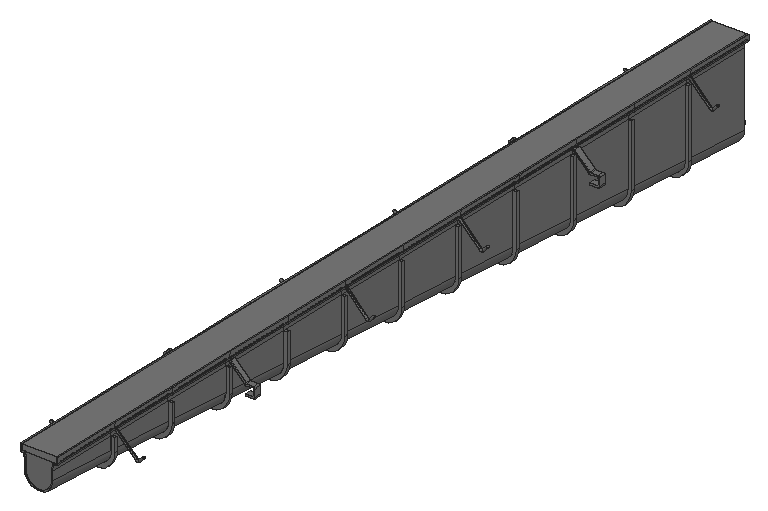
Revit family "x9940", category Plumbing Fixtures, Revit 2014 (continued)
Forms (in)
  Extrusion 28, solid, material "Coated Steel"
    sketch origin (0, -59.05355, 0) x (1, 0, 0) y (0, 0, 1)
      loop
        arc (-2.5625, -6.74809) -> (0, -9.31059) -> (2.5625, -6.74809) r 2.5625
        line (2.5625, -6.74809) -> (2.5625, -1.87363) -> (1.96816, -1.87363) -> (1.96816, -6.74809)
        arc (1.96816, -6.74809) -> (0, -8.71625) -> (-1.96816, -6.74809) r 1.96816
        line (-1.96816, -6.74809) -> (-1.96816, -1.87363)
    from -49.45833 to -49.13688
  Extrusion 29, solid, material "Coated Steel"
    sketch origin (0, -49.29313, 0) x (1, 0, 0) y (0, 0, 1)
      loop
        line (-1.96816, -1.87363) -> (-2.5625, -1.87363) -> (-2.5625, -7.49809)
        arc (-2.5625, -7.49809) -> (0, -10.06059) -> (2.5625, -7.49809) r 2.5625
        line (2.5625, -7.49809) -> (2.5625, -1.87363) -> (1.96816, -1.87363) -> (1.96816, -7.49809)
        arc (1.96816, -7.49809) -> (0, -9.46625) -> (-1.96816, -7.49809) r 1.96816
        line (-1.96816, -7.49809) -> (-1.96816, -1.87363)
    from -49.44938 to -49.13688
  Extrusion 30, solid, material "Coated Steel"
    sketch origin (0, -39.54167, 0) x (1, 0, 0) y (0, 0, 1)
      loop
        line (-1.96816, -1.87363) -> (-2.5625, -1.87363) -> (-2.5625, -8.24809)
        arc (-2.5625, -8.24809) -> (0, -10.81059) -> (2.5625, -8.24809) r 2.5625
        line (2.5625, -8.24809) -> (2.5625, -1.87363) -> (1.96816, -1.87363) -> (1.96816, -8.24809)
        arc (1.96816, -8.24809) -> (0, -10.21625) -> (-1.96816, -8.24809) r 1.96816
        line (-1.96816, -8.24809) -> (-1.96816, -1.87363)
    from -49.45833 to -49.13688
  Extrusion 31, solid, material "Coated Steel"
    sketch origin (0, -29.625, 0) x (1, 0, 0) y (0, 0, 1)
      loop
        line (-1.96816, -1.87363) -> (-2.5625, -1.87363) -> (-2.5625, -8.99809)
        arc (-2.5625, -8.99809) -> (0, -11.56059) -> (2.5625, -8.99809) r 2.5625
        line (2.5625, -8.99809) -> (2.5625, -1.87363) -> (1.96816, -1.87363) -> (1.96816, -8.99809)
        arc (1.96816, -8.99809) -> (0, -10.96625) -> (-1.96816, -8.99809) r 1.96816
        line (-1.96816, -8.99809) -> (-1.96816, -1.87363)
    from -49.45833 to -49.13688
  Extrusion 32, solid, material "Coated Steel"
    sketch origin (0, -19.70833, 0) x (1, 0, 0) y (0, 0, 1)
      loop
        line (-1.96816, -1.87363) -> (-2.5625, -1.87363) -> (-2.5625, -9.74809)
        arc (-2.5625, -9.74809) -> (0, -12.31059) -> (2.5625, -9.74809) r 2.5625
        line (2.5625, -9.74809) -> (2.5625, -1.87363) -> (1.96816, -1.87363) -> (1.96816, -9.74809)
        arc (1.96816, -9.74809) -> (0, -11.71625) -> (-1.96816, -9.74809) r 1.96816
        line (-1.96816, -9.74809) -> (-1.96816, -1.87363)
    from -49.45833 to -49.13688
  Extrusion 33, solid, material "Coated Steel"
    sketch origin (0, -9.85417, 0) x (1, 0, 0) y (0, 0, 1)
      loop
        line (-1.96816, -1.87363) -> (-2.5625, -1.87363) -> (-2.5625, -10.4975)
        arc (-2.5625, -10.4975) -> (0, -13.06) -> (2.5625, -10.4975) r 2.5625
        line (2.5625, -10.4975) -> (2.5625, -1.87363) -> (1.96816, -1.87363) -> (1.96816, -10.4975)
        arc (1.96816, -10.4975) -> (0, -12.46566) -> (-1.96816, -10.4975) r 1.96816
        line (-1.96816, -10.4975) -> (-1.96816, -1.87363)
    from -49.45833 to -49.13688
  Extrusion 34, solid, material "Coated Steel"
    sketch origin (0, 0, 0) x (1, 0, 0) y (0, 0, 1)
      loop
        line (-1.96816, -1.87363) -> (-2.5625, -1.87363) -> (-2.5625, -11.24809)
        arc (-2.5625, -11.24809) -> (0, -13.81059) -> (2.5625, -11.24809) r 2.5625
        line (2.5625, -11.24809) -> (2.5625, -1.87363) -> (1.96816, -1.87363) -> (1.96816, -11.24809)
        arc (1.96816, -11.24809) -> (0, -13.21625) -> (-1.96816, -11.24809) r 1.96816
        line (-1.96816, -11.24809) -> (-1.96816, -1.87363)
    from -49.45833 to -49.13688
  Extrusion 35, solid, material "Coated Steel"
    sketch origin (0, 0, 0) x (1, 0, 0) y (0, 0, 1)
      loop
        line (-1.8125, -1.86001) -> (-1.8125, -3)
        arc (-1.8125, -3) -> (0, -4.8125) -> (1.8125, -3) r 1.8125
        line (1.8125, -3) -> (1.8125, -1.86001) -> (1.89392, -0.92943)
        arc (1.89392, -0.92943) -> (1.93498, -0.84615) -> (2.02152, -0.8125) r 0.12809
        line (2.02152, -0.8125) -> (-2.02152, -0.8125)
        arc (-2.02152, -0.8125) -> (-1.93498, -0.84615) -> (-1.89392, -0.92943) r 0.12809
        line (-1.89392, -0.92943) -> (-1.8125, -1.86001)
    from 59.07775 to 59.3125
  Extrusion 36, solid, material "Coated Steel"
    sketch origin (0, 0, 0) x (1, 0, 0) y (0, 0, 1)
      loop
        arc (-1.8125, -11.9975) -> (0, -13.81) -> (1.8125, -11.9975) r 1.8125
        line (1.8125, -11.9975) -> (1.8125, -1.86001) -> (1.89392, -0.92943)
        arc (1.89392, -0.92943) -> (1.93498, -0.84615) -> (2.02152, -0.8125) r 0.12809
        line (2.02152, -0.8125) -> (-2.02152, -0.8125)
        arc (-2.02152, -0.8125) -> (-1.93498, -0.84615) -> (-1.89392, -0.92943) r 0.12809
        line (-1.89392, -0.92943) -> (-1.8125, -1.86001) -> (-1.8125, -11.9975)
      loop
        circle (0, -11.9975) r 1
    from -59.3125 to -58.99105
  Extrusion 37, solid, material "Coated Steel"
    sketch origin (0, 0, 0) x (1, 0, 0) y (0, 0, 1)
      loop
        circle (0, -11.9975) r 1
    from -60.62949 to -59.3125
Cuts and joins
  joined: Sweep 1, Sweep 2, Sweep 3, Sweep 4, Sweep 6, Sweep 7, Extrusion 8, Sweep 10
  joined: Extrusion 36, Extrusion 37
Lines and regions (in)
  model lines
    curve 1: line (-2.50377, 0, -0.8125) -> (-2.84599, 0, -0.8125)
    curve 2: line (0.00391, -59.3125, 0) -> (0.00391, 59.3125, 0)
    curve 3: line (-2.39633, -58.8125, 0) -> (2.40415, -58.8125, 0)
    curve 4: line (-2.39633, -58.3125, 0) -> (2.40415, -58.3125, 0)
    curve 5: line (-2.39633, -57.8125, 0) -> (2.40415, -57.8125, 0)
    curve 6: line (-2.39633, -57.3125, 0) -> (2.40415, -57.3125, 0)
    curve 7: line (-2.39633, -56.8125, 0) -> (2.40415, -56.8125, 0)
    curve 8: line (-2.39633, -56.3125, 0) -> (2.40415, -56.3125, 0)
    curve 9: line (-2.39633, -55.8125, 0) -> (2.40415, -55.8125, 0)
    curve 10: line (-2.39633, -55.3125, 0) -> (2.40415, -55.3125, 0)
    curve 11: line (-2.39633, -54.8125, 0) -> (2.40415, -54.8125, 0)
    curve 12: line (-2.39633, -54.3125, 0) -> (2.40415, -54.3125, 0)
    curve 13: line (-2.39633, -53.8125, 0) -> (2.40415, -53.8125, 0)
    curve 14: line (-2.39633, -53.3125, 0) -> (2.40415, -53.3125, 0)
    curve 15: line (-2.39633, -52.8125, 0) -> (2.40415, -52.8125, 0)
    curve 16: line (-2.39633, -52.3125, 0) -> (2.40415, -52.3125, 0)
    curve 17: line (-2.39633, -51.8125, 0) -> (2.40415, -51.8125, 0)
    curve 18: line (-2.39633, -51.3125, 0) -> (2.40415, -51.3125, 0)
    curve 19: line (-2.39633, -50.8125, 0) -> (2.40415, -50.8125, 0)
    curve 20: line (-2.39633, -50.3125, 0) -> (2.40415, -50.3125, 0)
    curve 21: line (-2.39633, -49.8125, 0) -> (2.40415, -49.8125, 0)
    curve 22: line (-2.39633, -49.3125, 0) -> (2.40415, -49.3125, 0)
    curve 23: line (-2.39633, -48.8125, 0) -> (2.40415, -48.8125, 0)
    curve 24: line (-2.39633, -48.3125, 0) -> (2.40415, -48.3125, 0)
    curve 25: line (-2.39633, -47.8125, 0) -> (2.40415, -47.8125, 0)
    curve 26: line (-2.39633, -47.3125, 0) -> (2.40415, -47.3125, 0)
    curve 27: line (-2.39633, -46.8125, 0) -> (2.40415, -46.8125, 0)
    curve 28: line (-2.39633, -46.3125, 0) -> (2.40415, -46.3125, 0)
    curve 29: line (-2.39633, -45.8125, 0) -> (2.40415, -45.8125, 0)
    curve 30: line (-2.39633, -45.3125, 0) -> (2.40415, -45.3125, 0)
    curve 31: line (-2.39633, -44.8125, 0) -> (2.40415, -44.8125, 0)
    curve 32: line (-2.39633, -44.3125, 0) -> (2.40415, -44.3125, 0)
    curve 33: line (-2.39633, -43.8125, 0) -> (2.40415, -43.8125, 0)
    curve 34: line (-2.39633, -43.3125, 0) -> (2.40415, -43.3125, 0)
    curve 35: line (-2.39633, -42.8125, 0) -> (2.40415, -42.8125, 0)
    curve 36: line (-2.39633, -42.3125, 0) -> (2.40415, -42.3125, 0)
    curve 37: line (-2.39633, -41.8125, 0) -> (2.40415, -41.8125, 0)
    curve 38: line (-2.39633, -41.3125, 0) -> (2.40415, -41.3125, 0)
    curve 39: line (-2.39633, -40.8125, 0) -> (2.40415, -40.8125, 0)
    curve 40: line (-2.39633, -40.3125, 0) -> (2.40415, -40.3125, 0)
    curve 41: line (-2.39633, -39.8125, 0) -> (2.40415, -39.8125, 0)
    curve 42: line (-2.39633, -39.3125, 0) -> (2.40415, -39.3125, 0)
    curve 43: line (-2.39633, -38.8125, 0) -> (2.40415, -38.8125, 0)
    curve 44: line (-2.39633, -38.3125, 0) -> (2.40415, -38.3125, 0)
    curve 45: line (-2.39633, -37.8125, 0) -> (2.40415, -37.8125, 0)
    curve 46: line (-2.39633, -37.3125, 0) -> (2.40415, -37.3125, 0)
    curve 47: line (-2.39633, -36.8125, 0) -> (2.40415, -36.8125, 0)
    curve 48: line (-2.39633, -36.3125, 0) -> (2.40415, -36.3125, 0)
    curve 49: line (-2.39633, -35.8125, 0) -> (2.40415, -35.8125, 0)
    curve 50: line (-2.39633, -35.3125, 0) -> (2.40415, -35.3125, 0)
    curve 51: line (-2.39633, -34.8125, 0) -> (2.40415, -34.8125, 0)
    curve 52: line (-2.39633, -34.3125, 0) -> (2.40415, -34.3125, 0)
    curve 53: line (-2.39633, -33.8125, 0) -> (2.40415, -33.8125, 0)
    curve 54: line (-2.39633, -33.3125, 0) -> (2.40415, -33.3125, 0)
    curve 55: line (-2.39633, -32.8125, 0) -> (2.40415, -32.8125, 0)
    curve 56: line (-2.39633, -32.3125, 0) -> (2.40415, -32.3125, 0)
    curve 57: line (-2.39633, -31.8125, 0) -> (2.40415, -31.8125, 0)
    curve 58: line (-2.39633, -31.3125, 0) -> (2.40415, -31.3125, 0)
    curve 59: line (-2.39633, -30.8125, 0) -> (2.40415, -30.8125, 0)
    curve 60: line (-2.39633, -30.3125, 0) -> (2.40415, -30.3125, 0)
    curve 61: line (-2.39633, -29.8125, 0) -> (2.40415, -29.8125, 0)
    curve 62: line (-2.39633, -29.3125, 0) -> (2.40415, -29.3125, 0)
    curve 63: line (-2.39633, -28.8125, 0) -> (2.40415, -28.8125, 0)
    curve 64: line (-2.39633, -28.3125, 0) -> (2.40415, -28.3125, 0)
    curve 65: line (-2.39633, -27.8125, 0) -> (2.40415, -27.8125, 0)
    curve 66: line (-2.39633, -27.3125, 0) -> (2.40415, -27.3125, 0)
    curve 67: line (-2.39633, -26.8125, 0) -> (2.40415, -26.8125, 0)
    curve 68: line (-2.39633, -26.3125, 0) -> (2.40415, -26.3125, 0)
    curve 69: line (-2.39633, -25.8125, 0) -> (2.40415, -25.8125, 0)
    curve 70: line (-2.39633, -25.3125, 0) -> (2.40415, -25.3125, 0)
    curve 71: line (-2.39633, -24.8125, 0) -> (2.40415, -24.8125, 0)
    curve 72: line (-2.39633, -24.3125, 0) -> (2.40415, -24.3125, 0)
    curve 73: line (-2.39633, -23.8125, 0) -> (2.40415, -23.8125, 0)
    curve 74: line (-2.39633, -23.3125, 0) -> (2.40415, -23.3125, 0)
    curve 75: line (-2.39633, -22.8125, 0) -> (2.40415, -22.8125, 0)
    curve 76: line (-2.39633, -22.3125, 0) -> (2.40415, -22.3125, 0)
    curve 77: line (-2.39633, -21.8125, 0) -> (2.40415, -21.8125, 0)
    curve 78: line (-2.39633, -21.3125, 0) -> (2.40415, -21.3125, 0)
    curve 79: line (-2.39633, -20.8125, 0) -> (2.40415, -20.8125, 0)
    curve 80: line (-2.39633, -20.3125, 0) -> (2.40415, -20.3125, 0)
    curve 81: line (-2.39633, -19.8125, 0) -> (2.40415, -19.8125, 0)
    curve 82: line (-2.39633, -19.3125, 0) -> (2.40415, -19.3125, 0)
    curve 83: line (-2.39633, -18.8125, 0) -> (2.40415, -18.8125, 0)
    curve 84: line (-2.39633, -18.3125, 0) -> (2.40415, -18.3125, 0)
    curve 85: line (-2.39633, -17.8125, 0) -> (2.40415, -17.8125, 0)
    curve 86: line (-2.39633, -17.3125, 0) -> (2.40415, -17.3125, 0)
    curve 87: line (-2.39633, -16.8125, 0) -> (2.40415, -16.8125, 0)
    curve 88: line (-2.39633, -16.3125, 0) -> (2.40415, -16.3125, 0)
    curve 89: line (-2.39633, -15.8125, 0) -> (2.40415, -15.8125, 0)
    curve 90: line (-2.39633, -15.3125, 0) -> (2.40415, -15.3125, 0)
    curve 91: line (-2.39633, -14.8125, 0) -> (2.40415, -14.8125, 0)
    curve 92: line (-2.39633, -14.3125, 0) -> (2.40415, -14.3125, 0)
    curve 93: line (-2.39633, -13.8125, 0) -> (2.40415, -13.8125, 0)
    curve 94: line (-2.39633, -13.3125, 0) -> (2.40415, -13.3125, 0)
    curve 95: line (-2.39633, -12.8125, 0) -> (2.40415, -12.8125, 0)
    curve 96: line (-2.39633, -12.3125, 0) -> (2.40415, -12.3125, 0)
    curve 97: line (-2.39633, -11.8125, 0) -> (2.40415, -11.8125, 0)
    curve 98: line (-2.39633, -11.3125, 0) -> (2.40415, -11.3125, 0)
    curve 99: line (-2.39633, -10.8125, 0) -> (2.40415, -10.8125, 0)
    curve 100: line (-2.39633, -10.3125, 0) -> (2.40415, -10.3125, 0)
    curve 101: line (-2.39633, -9.8125, 0) -> (2.40415, -9.8125, 0)
    curve 102: line (-2.39633, -9.3125, 0) -> (2.40415, -9.3125, 0)
    curve 103: line (-2.39633, -8.8125, 0) -> (2.40415, -8.8125, 0)
    curve 104: line (-2.39633, -8.3125, 0) -> (2.40415, -8.3125, 0)
    curve 105: line (-2.39633, -7.8125, 0) -> (2.40415, -7.8125, 0)
    curve 106: line (-2.39633, -7.3125, 0) -> (2.40415, -7.3125, 0)
    curve 107: line (-2.39633, -6.8125, 0) -> (2.40415, -6.8125, 0)
    curve 108: line (-2.39633, -6.3125, 0) -> (2.40415, -6.3125, 0)
    curve 109: line (-2.39633, -5.8125, 0) -> (2.40415, -5.8125, 0)
    curve 110: line (-2.39633, -5.3125, 0) -> (2.40415, -5.3125, 0)
    curve 111: line (-2.39633, -4.8125, 0) -> (2.40415, -4.8125, 0)
    curve 112: line (-2.39633, -4.3125, 0) -> (2.40415, -4.3125, 0)
    curve 113: line (-2.39633, -3.8125, 0) -> (2.40415, -3.8125, 0)
    curve 114: line (-2.39633, -3.3125, 0) -> (2.40415, -3.3125, 0)
    curve 115: line (-2.39633, -2.8125, 0) -> (2.40415, -2.8125, 0)
    curve 116: line (-2.39633, -2.3125, 0) -> (2.40415, -2.3125, 0)
    curve 117: line (-2.39633, -1.8125, 0) -> (2.40415, -1.8125, 0)
    curve 118: line (-2.39633, -1.3125, 0) -> (2.40415, -1.3125, 0)
    curve 119: line (-2.39633, -0.8125, 0) -> (2.40415, -0.8125, 0)
    curve 120: line (-2.39633, -0.3125, 0) -> (2.40415, -0.3125, 0)
    curve 121: line (-2.39633, 0.1875, 0) -> (2.40415, 0.1875, 0)
    curve 122: line (-2.39633, 0.6875, 0) -> (2.40415, 0.6875, 0)
    curve 123: line (-2.39633, 1.1875, 0) -> (2.40415, 1.1875, 0)
    curve 124: line (-2.39633, 1.6875, 0) -> (2.40415, 1.6875, 0)
    curve 125: line (-2.39633, 2.1875, 0) -> (2.40415, 2.1875, 0)
    curve 126: line (-2.39633, 2.6875, 0) -> (2.40415, 2.6875, 0)
    curve 127: line (-2.39633, 3.1875, 0) -> (2.40415, 3.1875, 0)
    curve 128: line (-2.39633, 3.6875, 0) -> (2.40415, 3.6875, 0)
    curve 129: line (-2.39633, 4.1875, 0) -> (2.40415, 4.1875, 0)
    curve 130: line (-2.39633, 4.6875, 0) -> (2.40415, 4.6875, 0)
    curve 131: line (-2.39633, 5.1875, 0) -> (2.40415, 5.1875, 0)
    curve 132: line (-2.39633, 5.6875, 0) -> (2.40415, 5.6875, 0)
    curve 133: line (-2.39633, 6.1875, 0) -> (2.40415, 6.1875, 0)
    curve 134: line (-2.39633, 6.6875, 0) -> (2.40415, 6.6875, 0)
    curve 135: line (-2.39633, 7.1875, 0) -> (2.40415, 7.1875, 0)
    curve 136: line (-2.39633, 7.6875, 0) -> (2.40415, 7.6875, 0)
    curve 137: line (-2.39633, 8.1875, 0) -> (2.40415, 8.1875, 0)
    curve 138: line (-2.39633, 8.6875, 0) -> (2.40415, 8.6875, 0)
    curve 139: line (-2.39633, 9.1875, 0) -> (2.40415, 9.1875, 0)
    curve 140: line (-2.39633, 9.6875, 0) -> (2.40415, 9.6875, 0)
    curve 141: line (-2.39633, 10.1875, 0) -> (2.40415, 10.1875, 0)
    curve 142: line (-2.39633, 10.6875, 0) -> (2.40415, 10.6875, 0)
    curve 143: line (-2.39633, 11.1875, 0) -> (2.40415, 11.1875, 0)
    curve 144: line (-2.39633, 11.6875, 0) -> (2.40415, 11.6875, 0)
    curve 145: line (-2.39633, 12.1875, 0) -> (2.40415, 12.1875, 0)
    curve 146: line (-2.39633, 12.6875, 0) -> (2.40415, 12.6875, 0)
    curve 147: line (-2.39633, 13.1875, 0) -> (2.40415, 13.1875, 0)
    curve 148: line (-2.39633, 13.6875, 0) -> (2.40415, 13.6875, 0)
    curve 149: line (-2.39633, 14.1875, 0) -> (2.40415, 14.1875, 0)
    curve 150: line (-2.39633, 14.6875, 0) -> (2.40415, 14.6875, 0)
    curve 151: line (-2.39633, 15.1875, 0) -> (2.40415, 15.1875, 0)
    curve 152: line (-2.39633, 15.6875, 0) -> (2.40415, 15.6875, 0)
    curve 153: line (-2.39633, 16.1875, 0) -> (2.40415, 16.1875, 0)
    curve 154: line (-2.39633, 16.6875, 0) -> (2.40415, 16.6875, 0)
    curve 155: line (-2.39633, 17.1875, 0) -> (2.40415, 17.1875, 0)
    curve 156: line (-2.39633, 17.6875, 0) -> (2.40415, 17.6875, 0)
    curve 157: line (-2.39633, 18.1875, 0) -> (2.40415, 18.1875, 0)
    curve 158: line (-2.39633, 18.6875, 0) -> (2.40415, 18.6875, 0)
    curve 159: line (-2.39633, 19.1875, 0) -> (2.40415, 19.1875, 0)
    curve 160: line (-2.39633, 19.6875, 0) -> (2.40415, 19.6875, 0)
    curve 161: line (-2.39633, 20.1875, 0) -> (2.40415, 20.1875, 0)
    curve 162: line (-2.39633, 20.6875, 0) -> (2.40415, 20.6875, 0)
    curve 163: line (-2.39633, 21.1875, 0) -> (2.40415, 21.1875, 0)
    curve 164: line (-2.39633, 21.6875, 0) -> (2.40415, 21.6875, 0)
    curve 165: line (-2.39633, 22.1875, 0) -> (2.40415, 22.1875, 0)
    curve 166: line (-2.39633, 22.6875, 0) -> (2.40415, 22.6875, 0)
    curve 167: line (-2.39633, 23.1875, 0) -> (2.40415, 23.1875, 0)
    curve 168: line (-2.39633, 23.6875, 0) -> (2.40415, 23.6875, 0)
    curve 169: line (-2.39633, 24.1875, 0) -> (2.40415, 24.1875, 0)
    curve 170: line (-2.39633, 24.6875, 0) -> (2.40415, 24.6875, 0)
    curve 171: line (-2.39633, 25.1875, 0) -> (2.40415, 25.1875, 0)
    curve 172: line (-2.39633, 25.6875, 0) -> (2.40415, 25.6875, 0)
    curve 173: line (-2.39633, 26.1875, 0) -> (2.40415, 26.1875, 0)
    curve 174: line (-2.39633, 26.6875, 0) -> (2.40415, 26.6875, 0)
    curve 175: line (-2.39633, 27.1875, 0) -> (2.40415, 27.1875, 0)
    curve 176: line (-2.39633, 27.6875, 0) -> (2.40415, 27.6875, 0)
    curve 177: line (-2.39633, 28.1875, 0) -> (2.40415, 28.1875, 0)
    curve 178: line (-2.39633, 28.6875, 0) -> (2.40415, 28.6875, 0)
    curve 179: line (-2.39633, 29.1875, 0) -> (2.40415, 29.1875, 0)
    curve 180: line (-2.39633, 29.6875, 0) -> (2.40415, 29.6875, 0)
    curve 181: line (-2.39633, 30.1875, 0) -> (2.40415, 30.1875, 0)
    curve 182: line (-2.39633, 30.6875, 0) -> (2.40415, 30.6875, 0)
    curve 183: line (-2.39633, 31.1875, 0) -> (2.40415, 31.1875, 0)
    curve 184: line (-2.39633, 31.6875, 0) -> (2.40415, 31.6875, 0)
    curve 185: line (-2.39633, 32.1875, 0) -> (2.40415, 32.1875, 0)
    curve 186: line (-2.39633, 32.6875, 0) -> (2.40415, 32.6875, 0)
    curve 187: line (-2.39633, 33.1875, 0) -> (2.40415, 33.1875, 0)
    curve 188: line (-2.39633, 33.6875, 0) -> (2.40415, 33.6875, 0)
    curve 189: line (-2.39633, 34.1875, 0) -> (2.40415, 34.1875, 0)
    curve 190: line (-2.39633, 34.6875, 0) -> (2.40415, 34.6875, 0)
    curve 191: line (-2.39633, 35.1875, 0) -> (2.40415, 35.1875, 0)
    curve 192: line (-2.39633, 35.6875, 0) -> (2.40415, 35.6875, 0)
    curve 193: line (-2.39633, 36.1875, 0) -> (2.40415, 36.1875, 0)
    curve 194: line (-2.39633, 36.6875, 0) -> (2.40415, 36.6875, 0)
    curve 195: line (-2.39633, 37.1875, 0) -> (2.40415, 37.1875, 0)
    curve 196: line (-2.39633, 37.6875, 0) -> (2.40415, 37.6875, 0)
    curve 197: line (-2.39633, 38.1875, 0) -> (2.40415, 38.1875, 0)
    curve 198: line (-2.39633, 38.6875, 0) -> (2.40415, 38.6875, 0)
    curve 199: line (-2.39633, 39.1875, 0) -> (2.40415, 39.1875, 0)
    curve 200: line (-2.39633, 39.6875, 0) -> (2.40415, 39.6875, 0)
    curve 201: line (-2.39633, 40.1875, 0) -> (2.40415, 40.1875, 0)
    curve 202: line (-2.39633, 40.6875, 0) -> (2.40415, 40.6875, 0)
    curve 203: line (-2.39633, 41.1875, 0) -> (2.40415, 41.1875, 0)
    curve 204: line (-2.39633, 41.6875, 0) -> (2.40415, 41.6875, 0)
    curve 205: line (-2.39633, 42.1875, 0) -> (2.40415, 42.1875, 0)
    curve 206: line (-2.39633, 42.6875, 0) -> (2.40415, 42.6875, 0)
    curve 207: line (-2.39633, 43.1875, 0) -> (2.40415, 43.1875, 0)
    curve 208: line (-2.39633, 43.6875, 0) -> (2.40415, 43.6875, 0)
    curve 209: line (-2.39633, 44.1875, 0) -> (2.40415, 44.1875, 0)
    curve 210: line (-2.39633, 44.6875, 0) -> (2.40415, 44.6875, 0)
    curve 211: line (-2.39633, 45.1875, 0) -> (2.40415, 45.1875, 0)
    curve 212: line (-2.39633, 45.6875, 0) -> (2.40415, 45.6875, 0)
    curve 213: line (-2.39633, 46.1875, 0) -> (2.40415, 46.1875, 0)
    curve 214: line (-2.39633, 46.6875, 0) -> (2.40415, 46.6875, 0)
    curve 215: line (-2.39633, 47.1875, 0) -> (2.40415, 47.1875, 0)
    curve 216: line (-2.39633, 47.6875, 0) -> (2.40415, 47.6875, 0)
    curve 217: line (-2.39633, 48.1875, 0) -> (2.40415, 48.1875, 0)
    curve 218: line (-2.39633, 48.6875, 0) -> (2.40415, 48.6875, 0)
    curve 219: line (-2.39633, 49.1875, 0) -> (2.40415, 49.1875, 0)
    curve 220: line (-2.39633, 49.6875, 0) -> (2.40415, 49.6875, 0)
    curve 221: line (-2.39633, 50.1875, 0) -> (2.40415, 50.1875, 0)
    curve 222: line (-2.39633, 50.6875, 0) -> (2.40415, 50.6875, 0)
    curve 223: line (-2.39633, 51.1875, 0) -> (2.40415, 51.1875, 0)
    curve 224: line (-2.39633, 51.6875, 0) -> (2.40415, 51.6875, 0)
    curve 225: line (-2.39633, 52.1875, 0) -> (2.40415, 52.1875, 0)
    curve 226: line (-2.39633, 52.6875, 0) -> (2.40415, 52.6875, 0)
    curve 227: line (-2.39633, 53.1875, 0) -> (2.40415, 53.1875, 0)
    curve 228: line (-2.39633, 53.6875, 0) -> (2.40415, 53.6875, 0)
    curve 229: line (-2.39633, 54.1875, 0) -> (2.40415, 54.1875, 0)
    curve 230: line (-2.39633, 54.6875, 0) -> (2.40415, 54.6875, 0)
    curve 231: line (-2.39633, 55.1875, 0) -> (2.40415, 55.1875, 0)
    curve 232: line (-2.39633, 55.6875, 0) -> (2.40415, 55.6875, 0)
    curve 233: line (-2.39633, 56.1875, 0) -> (2.40415, 56.1875, 0)
    curve 234: line (-2.39633, 56.6875, 0) -> (2.40415, 56.6875, 0)
    curve 235: line (-2.39633, 57.1875, 0) -> (2.40415, 57.1875, 0)
    curve 236: line (-2.39633, 57.6875, 0) -> (2.40415, 57.6875, 0)
    curve 237: line (-2.39633, 58.1875, 0) -> (2.40415, 58.1875, 0)
    curve 238: line (-2.39633, 58.6875, 0) -> (2.40415, 58.6875, 0)
    curve 239: line (-2.39633, 59.1875, 0) -> (2.40415, 59.1875, 0)
Dimensions and locks (in)
  plane 5 to plane 4 = 12 7/8"
  plane 7 to plane 6 = 5 1/8"
  plane 9 to plane 8 = 3 5/8"
  plane 2 to plane 10 = 13/16"
  plane 2 to plane 11 = 4 13/16"
  plane 15 to plane 12 to plane 1 "Center (Front/Back)" to plane 13 to plane 14 = 29 9/16", 29 3/4", 29 3/4", 29 9/16"
  equal spacing: plane 15, plane 16, plane 17, plane 12
  equal spacing: plane 12, plane 19, plane 18, plane 1 "Center (Front/Back)"
  equal spacing: plane 1 "Center (Front/Back)", plane 20, plane 21, plane 13
  equal spacing: plane 13, plane 23, plane 22, plane 14
  locked: plane 10 to plane 24 at 1.06113
  locked: plane 16 to plane 25 at 0.32145
  locked: plane 17 to plane 26 at 0.32145
  locked: plane 12 to plane 27 at 0.32145
  locked: plane 19 to plane 28 at 0.32145
  locked: plane 18 to plane 29 at 0.32145
  locked: plane 22 to plane 30 at 0.32145
  locked: plane 23 to plane 31 at 0.32145
  locked: plane 13 to plane 32 at 0.32145
  locked: plane 21 to plane 33 at 0.32145
  locked: plane 20 to plane 34 at 0.32145
  locked: plane 15 to plane 37 at 0.32145
  locked: plane 42 to plane 43 at 1.8125
  locked: plane 44 to plane 45 at 1.8125
  locked: plane 46 to plane 47 at 1.8125
  locked: plane 48 to plane 49 at 1.8125
  locked: plane 50 to plane 51 at 1.8125
  locked: plane 52 to plane 53 at 1.8125
  locked: plane 54 to plane 55 at 1.8125
  locked: plane 56 to plane 57 at 1.8125
  locked: plane 58 to plane 59 at 1.8125
  locked: plane 60 to plane 61 at 1.8125
  locked: plane 62 to plane 63 at 1.8125
  locked: plane 64 to plane 65 at 1.8125
  locked: plane 66 to plane 67 at 1.8125
  locked: plane 68 to plane 69 at 1.8125
  locked: plane 70 to plane 71 at 1.8125
  locked: plane 72 to plane 73 at 1.8125
  locked: plane 74 to plane 75 at 1.8125
  locked: plane 76 to plane 77 at 1.8125
  locked: plane 78 to plane 79 at 1.8125
  locked: plane 80 to plane 81 at 1.8125
  locked: plane 82 to plane 83 at 1.8125
  locked: plane 84 to plane 85 at 1.8125
  locked: plane 86 to plane 87 at 1.8125
  locked: plane 88 to plane 89 at 1.8125
  aligned and locked: Extrusion 11 sketch curve to level
  aligned and locked: Extrusion 11 to plane 14
  aligned and locked: Extrusion 11 to plane 15
  aligned and locked: plane 42 to Blend 12 sketch curve  (x2)
  aligned and locked: plane 44 to Blend 12 sketch curve  (x2)
  aligned and locked: plane 46 to Blend 13 sketch curve  (x2)
  aligned and locked: plane 48 to Blend 13 sketch curve  (x2)
  aligned and locked: plane 50 to Blend 14 sketch curve  (x2)
  aligned and locked: plane 52 to Blend 14 sketch curve  (x2)
  aligned and locked: plane 54 to Blend 15 sketch curve  (x2)
  aligned and locked: plane 56 to Blend 15 sketch curve  (x2)
  aligned and locked: plane 58 to Blend 16 sketch curve  (x2)
  aligned and locked: plane 60 to Blend 16 sketch curve  (x2)
  aligned and locked: plane 62 to Blend 17 sketch curve  (x2)
  aligned and locked: plane 64 to Blend 17 sketch curve  (x2)
  aligned and locked: plane 66 to Blend 18 sketch curve  (x2)
  aligned and locked: plane 68 to Blend 18 sketch curve  (x2)
  aligned and locked: plane 70 to Blend 19 sketch curve  (x2)
  aligned and locked: plane 72 to Blend 19 sketch curve  (x2)
  aligned and locked: plane 74 to Blend 20 sketch curve  (x2)
  aligned and locked: plane 76 to Blend 20 sketch curve  (x2)
  aligned and locked: plane 78 to Blend 21 sketch curve  (x2)
  aligned and locked: plane 80 to Blend 21 sketch curve  (x2)
  aligned and locked: plane 82 to Blend 22 sketch curve  (x2)
  aligned and locked: plane 84 to Blend 22 sketch curve  (x2)
  aligned and locked: plane 86 to Blend 23 sketch curve  (x2)
  aligned and locked: plane 88 to Blend 23 sketch curve  (x2)
  aligned and locked: Extrusion 37 sketch curve to Extrusion 36
Automatic sketch dimensions
  curve 1 to plane 10 = 0"
  curve 1 to plane 6 = 0.28349"
  plane 6 to curve 1 = 0.05873"
  Sweep 1 sketch curve to plane 4 = 0"
  plane 4 to Sweep 1 sketch curve = 0.631"
  Sweep 1 sketch curve to Sweep 1 sketch curve = 0.20254"  (x3)
  plane 11 to Sweep 1 sketch curve = 1.17272"
  plane 6 to Sweep 1 sketch curve = 25/256"
  Sweep 1 sketch curve to Sweep 1 sketch curve = 0.631"
  plane 10 to Sweep 1 sketch curve = 0.10927"
  Sweep 1 sketch curve to profile plane = 0"  (x2)
  plane 5 to Sweep 2 sketch curve = 0"
  Sweep 2 sketch curve to plane 5 = 0.631"
  Sweep 2 sketch curve to Sweep 2 sketch curve = 0.20254"  (x3)
  Sweep 2 sketch curve to plane 11 = 1.17272"
  Sweep 2 sketch curve to plane 7 = 25/256"
  Sweep 2 sketch curve to Sweep 2 sketch curve = 0.631"
  Sweep 2 sketch curve to plane 10 = 0.10927"
  Sweep 2 sketch curve to profile plane = 0"  (x2)
  Sweep 3 sketch curve to plane 4 = 0"
  plane 4 to Sweep 3 sketch curve = 0.631"
  Sweep 3 sketch curve to Sweep 3 sketch curve = 0.20254"  (x3)
  plane 11 to Sweep 3 sketch curve = 1.17272"
  plane 6 to Sweep 3 sketch curve = 25/256"
  Sweep 3 sketch curve to Sweep 3 sketch curve = 0.631"
  plane 10 to Sweep 3 sketch curve = 0.10927"
  Sweep 3 sketch curve to profile plane = 0"  (x2)
  plane 5 to Sweep 4 sketch curve = 0"
  Sweep 4 sketch curve to plane 5 = 0.631"
  Sweep 4 sketch curve to Sweep 4 sketch curve = 0.20254"  (x3)
  Sweep 4 sketch curve to plane 11 = 1.17272"
  Sweep 4 sketch curve to plane 7 = 25/256"
  Sweep 4 sketch curve to Sweep 4 sketch curve = 0.631"
  Sweep 4 sketch curve to plane 10 = 0.10927"
  Sweep 4 sketch curve to profile plane = 0"  (x2)
  plane 5 to Sweep 5 sketch curve = 0"
  plane 5 to Sweep 5 sketch curve = 0.631"
  Sweep 5 sketch curve to Sweep 5 sketch curve = 0.20254"  (x3)
  plane 11 to Sweep 5 sketch curve = 1.17272"
  plane 7 to Sweep 5 sketch curve = 25/256"
  Sweep 5 sketch curve to Sweep 5 sketch curve = 0.631"
  plane 10 to Sweep 5 sketch curve = 0.10927"
  Sweep 5 sketch curve to profile plane = 0"
  profile plane to Sweep 5 sketch curve = 0"
  Sweep 6 sketch curve to plane 4 = 0"
  plane 4 to Sweep 6 sketch curve = 0.631"
  Sweep 6 sketch curve to Sweep 6 sketch curve = 0.20254"  (x3)
  plane 11 to Sweep 6 sketch curve = 1.37527"
  plane 6 to Sweep 6 sketch curve = 25/256"
  Sweep 6 sketch curve to Sweep 6 sketch curve = 0.631"
  plane 10 to Sweep 6 sketch curve = 0.10927"
  Sweep 6 sketch curve to profile plane = 0"
  profile plane to Sweep 6 sketch curve = 0"
  plane 5 to Sweep 7 sketch curve = 0"
  plane 5 to Sweep 7 sketch curve = 0.631"
  Sweep 7 sketch curve to Sweep 7 sketch curve = 0.20254"  (x3)
  plane 11 to Sweep 7 sketch curve = 1.17272"
  plane 7 to Sweep 7 sketch curve = 25/256"
  Sweep 7 sketch curve to Sweep 7 sketch curve = 0.631"
  plane 10 to Sweep 7 sketch curve = 0.10927"
  Sweep 7 sketch curve to profile plane = 0"
  profile plane to Sweep 7 sketch curve = 0"
  Extrusion 8 sketch curve to plane 10 = 0"  (x2)
  plane 4 to Extrusion 8 sketch curve = 0.18461"
  Extrusion 8 sketch curve to Extrusion 8 sketch curve = 0.16345"  (x2)
  Extrusion 8 sketch curve to Extrusion 8 sketch curve = 0.03815"
  Extrusion 8 sketch curve to Extrusion 8 sketch curve = 0.04542"  (x2)
  Extrusion 8 sketch curve to Extrusion 8 sketch curve = 0.06502"
  Extrusion 8 sketch curve to Extrusion 8 sketch curve = 0.0484"  (x2)
  Extrusion 8 sketch curve to Extrusion 8 sketch curve = 1.03536"
  Extrusion 8 sketch curve to Extrusion 8 sketch curve = 0.021"  (x2)
  Extrusion 8 sketch curve to Extrusion 8 sketch curve = 1.03501"
  plane 24 to Extrusion 8 sketch curve = 0.99851"
  Extrusion 8 sketch curve to Extrusion 8 sketch curve = 0.0893"  (x2)
  Extrusion 8 sketch curve to Extrusion 8 sketch curve = 0.13236"  (x2)
  Extrusion 8 sketch curve to plane 6 = 0.28349"
  Extrusion 8 sketch curve to plane 6 = 0.17708"
  plane 6 to Extrusion 8 sketch curve = 0.1804"
  plane 7 to Extrusion 8 sketch curve = 0.1804"
  Extrusion 8 sketch curve to plane 7 = 0.17708"
  Extrusion 8 sketch curve to Extrusion 8 sketch curve = 0.10641"
  plane 5 to Extrusion 8 sketch curve = 1.66423"
  plane 11 to Extrusion 8 sketch curve = 0.40337"  (x2)
  Extrusion 8 sketch curve to Extrusion 8 sketch curve = 0.18734"
  plane 5 to Extrusion 8 sketch curve = 0.44188"
  plane 5 to Extrusion 8 sketch curve = 0.41309"
  Extrusion 8 sketch curve to Extrusion 8 sketch curve = 0.02687"
  Extrusion 8 sketch curve to Extrusion 8 sketch curve = 0.18997"  (x2)
  Extrusion 8 sketch curve to Extrusion 8 sketch curve = 0.94955"  (x2)
  Extrusion 8 sketch curve to Extrusion 8 sketch curve = 0.06506"  (x2)
  Extrusion 8 sketch curve to Extrusion 8 sketch curve = 0.10112"
  Extrusion 8 sketch curve to Extrusion 8 sketch curve = 0.13811"
  Extrusion 8 sketch curve to Extrusion 8 sketch curve = 0.03699"
  Extrusion 8 sketch curve to plane 10 = 21/128"  (x2)
  Extrusion 9 sketch curve to plane 10 = 0"  (x2)
  plane 4 to Extrusion 9 sketch curve = 0.18461"
  Extrusion 9 sketch curve to Extrusion 9 sketch curve = 0.16345"  (x2)
  Extrusion 9 sketch curve to Extrusion 9 sketch curve = 0.03815"
  Extrusion 9 sketch curve to Extrusion 9 sketch curve = 0.04542"  (x2)
  Extrusion 9 sketch curve to Extrusion 9 sketch curve = 0.06502"
  Extrusion 9 sketch curve to Extrusion 9 sketch curve = 0.0484"  (x2)
  Extrusion 9 sketch curve to Extrusion 9 sketch curve = 1.03536"
  Extrusion 9 sketch curve to Extrusion 9 sketch curve = 0.021"  (x2)
  Extrusion 9 sketch curve to Extrusion 9 sketch curve = 1.03501"
  plane 24 to Extrusion 9 sketch curve = 0.99851"
  Extrusion 9 sketch curve to Extrusion 9 sketch curve = 0.0893"  (x3)
  Extrusion 9 sketch curve to Extrusion 9 sketch curve = 0.13236"  (x2)
  Extrusion 9 sketch curve to plane 6 = 0.28349"
  Extrusion 9 sketch curve to plane 6 = 0.17708"
  plane 6 to Extrusion 9 sketch curve = 0.1804"
  plane 7 to Extrusion 9 sketch curve = 0.1804"
  Extrusion 9 sketch curve to plane 7 = 0.17708"
  Extrusion 9 sketch curve to Extrusion 9 sketch curve = 0.10641"
  plane 5 to Extrusion 9 sketch curve = 1.66423"
  plane 11 to Extrusion 9 sketch curve = 0.40337"
  Extrusion 9 sketch curve to Extrusion 9 sketch curve = 0.18734"
  plane 5 to Extrusion 9 sketch curve = 0.44188"
  plane 5 to Extrusion 9 sketch curve = 0.41309"
  Extrusion 9 sketch curve to Extrusion 9 sketch curve = 0.02687"
  Extrusion 9 sketch curve to plane 10 = 21/128"  (x2)
  plane 24 to Extrusion 9 sketch curve = 0.89396"
  Extrusion 9 sketch curve to Extrusion 9 sketch curve = 0.10454"
  Extrusion 9 sketch curve to Extrusion 9 sketch curve = 0.01524"  (x2)
  Extrusion 9 sketch curve to Extrusion 9 sketch curve = 0.13811"  (x2)
  plane 11 to Extrusion 9 sketch curve = 0.68716"
  Extrusion 9 sketch curve to Extrusion 9 sketch curve = 0.07492"  (x2)
  Sweep 10 sketch curve to plane 4 = 0"
  plane 4 to Sweep 10 sketch curve = 0.631"
  Sweep 10 sketch curve to Sweep 10 sketch curve = 0.20254"  (x3)
  plane 11 to Sweep 10 sketch curve = 1.37527"
  plane 6 to Sweep 10 sketch curve = 25/256"
  Sweep 10 sketch curve to Sweep 10 sketch curve = 0.631"
  plane 10 to Sweep 10 sketch curve = 0.10927"
  Sweep 10 sketch curve to profile plane = 0"
  profile plane to Sweep 10 sketch curve = 0"
  Extrusion 11 sketch curve to plane 10 = 0"
  plane 10 to Extrusion 11 sketch curve = 0.11283"
  plane 6 to Extrusion 11 sketch curve = 0.16617"
  plane 10 to Extrusion 11 sketch curve = 29/256"
  plane 7 to Extrusion 11 sketch curve = 0.27164"
  Blend 12 sketch curve to Blend 12 sketch curve = 0"  (x2)
  Blend 12 sketch curve to level = 0"  (x4)
  Blend 12 sketch curve to plane 6 = 0"  (x2)
  Blend 12 sketch curve to plane 10 = 0"  (x4)
  Blend 12 sketch curve to plane 8 = 0"  (x2)
  Blend 12 sketch curve to plane 3 "Center (Left/Right)" = 0"  (x2)
  Blend 12 sketch curve to plane 24 = 0"  (x2)
  plane 7 to Blend 12 sketch curve = 0"  (x2)
  plane 6 to Blend 12 sketch curve = 0.16617"  (x2)
  plane 6 to Blend 12 sketch curve = 0.1804"  (x2)
  Blend 12 sketch curve to Blend 12 sketch curve = 0.0986"  (x2)
  Blend 12 sketch curve to Blend 12 sketch curve = 0.2354"  (x2)
  Blend 12 sketch curve to Blend 12 sketch curve = 0.10028"  (x2)
  Blend 12 sketch curve to Blend 12 sketch curve = 0.12518"  (x2)
  Blend 12 sketch curve to Blend 12 sketch curve = 0.15566"  (x2)
  Blend 12 sketch curve to plane 8 = 0.08142"  (x2)
  Blend 12 sketch curve to plane 9 = 0.08142"  (x2)
  Blend 12 sketch curve to Blend 12 sketch curve = 0.1276"  (x2)
  Blend 12 sketch curve to Blend 12 sketch curve = 0.01776"  (x2)
  Blend 12 sketch curve to Blend 12 sketch curve = 0.11805"  (x2)
  plane 10 to Blend 12 sketch curve = 29/256"  (x2)
  plane 7 to Blend 12 sketch curve = 0.27164"  (x2)
  plane 10 to Blend 12 sketch curve = 0.02415"  (x2)
  Blend 12 sketch curve to Blend 12 sketch curve = 0.02205"  (x2)
  plane 24 to Blend 12 sketch curve = 0.0893"  (x2)
  Blend 12 sketch curve to plane 24 = 0.01362"  (x4)
  Blend 12 sketch curve to plane 10 = 0.26473"  (x2)
  Blend 12 sketch curve to Blend 12 sketch curve = 0.10067"  (x2)
  Blend 12 sketch curve to Blend 12 sketch curve = 0.00877"  (x2)
  Blend 12 sketch curve to Blend 12 sketch curve = 0.12005"  (x2)
  Blend 12 sketch curve to Blend 12 sketch curve = 0.12809"  (x2)
  Blend 13 sketch curve to Blend 13 sketch curve = 0"  (x2)
  Blend 13 sketch curve to level = 0"  (x4)
  Blend 13 sketch curve to plane 6 = 0"  (x2)
  Blend 13 sketch curve to plane 10 = 0"  (x4)
  Blend 13 sketch curve to plane 8 = 0"  (x2)
  Blend 13 sketch curve to plane 3 "Center (Left/Right)" = 0"  (x2)
  Blend 13 sketch curve to plane 24 = 0"  (x2)
  plane 7 to Blend 13 sketch curve = 0"  (x2)
  plane 6 to Blend 13 sketch curve = 0.16617"  (x2)
  plane 6 to Blend 13 sketch curve = 0.1804"  (x2)
  Blend 13 sketch curve to Blend 13 sketch curve = 0.0986"  (x2)
  Blend 13 sketch curve to Blend 13 sketch curve = 0.2354"  (x2)
  Blend 13 sketch curve to Blend 13 sketch curve = 0.10028"  (x2)
  Blend 13 sketch curve to Blend 13 sketch curve = 0.12518"  (x2)
  Blend 13 sketch curve to plane 8 = 0.15566"  (x2)
  Blend 13 sketch curve to plane 8 = 0.08142"  (x2)
  Blend 13 sketch curve to plane 9 = 0.08142"  (x2)
  Blend 13 sketch curve to Blend 13 sketch curve = 0.1276"  (x2)
  Blend 13 sketch curve to Blend 13 sketch curve = 0.01776"  (x2)
  Blend 13 sketch curve to Blend 13 sketch curve = 0.11805"  (x2)
  plane 10 to Blend 13 sketch curve = 29/256"  (x2)
  plane 7 to Blend 13 sketch curve = 0.27164"  (x2)
  plane 10 to Blend 13 sketch curve = 0.02415"  (x2)
  Blend 13 sketch curve to Blend 13 sketch curve = 0.02205"  (x2)
  plane 24 to Blend 13 sketch curve = 0.0893"  (x2)
  Blend 13 sketch curve to plane 24 = 0.01362"  (x4)
  Blend 13 sketch curve to plane 10 = 0.26473"  (x2)
  Blend 13 sketch curve to Blend 13 sketch curve = 0.10067"  (x2)
  Blend 13 sketch curve to Blend 13 sketch curve = 0.00877"  (x2)
  Blend 13 sketch curve to Blend 13 sketch curve = 0.12005"  (x2)
  Blend 13 sketch curve to Blend 13 sketch curve = 0.12809"  (x2)
  Blend 14 sketch curve to Blend 14 sketch curve = 0"  (x2)
  Blend 14 sketch curve to level = 0"  (x4)
  Blend 14 sketch curve to plane 6 = 0"  (x2)
  Blend 14 sketch curve to plane 10 = 0"  (x4)
  Blend 14 sketch curve to plane 8 = 0"  (x2)
  Blend 14 sketch curve to plane 3 "Center (Left/Right)" = 0"  (x2)
  Blend 14 sketch curve to plane 24 = 0"  (x2)
  plane 7 to Blend 14 sketch curve = 0"  (x2)
  plane 6 to Blend 14 sketch curve = 0.16617"  (x2)
  plane 6 to Blend 14 sketch curve = 0.1804"  (x2)
  Blend 14 sketch curve to Blend 14 sketch curve = 0.0986"  (x2)
  Blend 14 sketch curve to Blend 14 sketch curve = 0.2354"  (x2)
  Blend 14 sketch curve to Blend 14 sketch curve = 0.10028"  (x2)
  Blend 14 sketch curve to Blend 14 sketch curve = 0.12518"  (x2)
  Blend 14 sketch curve to plane 8 = 0.15566"  (x2)
  Blend 14 sketch curve to plane 8 = 0.08142"  (x2)
  Blend 14 sketch curve to plane 9 = 0.08142"  (x2)
  Blend 14 sketch curve to Blend 14 sketch curve = 0.1276"  (x2)
  Blend 14 sketch curve to Blend 14 sketch curve = 0.01776"  (x2)
  Blend 14 sketch curve to Blend 14 sketch curve = 0.11805"  (x2)
  plane 10 to Blend 14 sketch curve = 29/256"  (x2)
  plane 7 to Blend 14 sketch curve = 0.27164"  (x2)
  plane 10 to Blend 14 sketch curve = 0.02415"  (x2)
  Blend 14 sketch curve to Blend 14 sketch curve = 0.02205"  (x2)
  plane 24 to Blend 14 sketch curve = 0.0893"  (x2)
  Blend 14 sketch curve to plane 24 = 0.01362"  (x4)
  Blend 14 sketch curve to plane 10 = 0.26473"  (x2)
  Blend 14 sketch curve to Blend 14 sketch curve = 0.10067"  (x2)
  Blend 14 sketch curve to Blend 14 sketch curve = 0.00877"  (x2)
  Blend 14 sketch curve to Blend 14 sketch curve = 0.12005"  (x2)
  Blend 14 sketch curve to Blend 14 sketch curve = 0.12809"  (x2)
  Blend 15 sketch curve to Blend 15 sketch curve = 0"  (x2)
  Blend 15 sketch curve to level = 0"  (x4)
  Blend 15 sketch curve to plane 6 = 0"  (x2)
  Blend 15 sketch curve to plane 10 = 0"  (x4)
  Blend 15 sketch curve to plane 8 = 0"  (x2)
  Blend 15 sketch curve to plane 3 "Center (Left/Right)" = 0"  (x2)
  Blend 15 sketch curve to plane 24 = 0"  (x2)
  plane 7 to Blend 15 sketch curve = 0"  (x2)
  plane 6 to Blend 15 sketch curve = 0.16617"  (x2)
  plane 6 to Blend 15 sketch curve = 0.1804"  (x2)
  Blend 15 sketch curve to Blend 15 sketch curve = 0.0986"  (x2)
  Blend 15 sketch curve to Blend 15 sketch curve = 0.2354"  (x2)
  Blend 15 sketch curve to Blend 15 sketch curve = 0.10028"  (x2)
  Blend 15 sketch curve to Blend 15 sketch curve = 0.12518"  (x2)
  Blend 15 sketch curve to plane 8 = 0.15566"
  Blend 15 sketch curve to plane 8 = 0.08142"  (x2)
  Blend 15 sketch curve to plane 9 = 0.08142"  (x2)
  Blend 15 sketch curve to Blend 15 sketch curve = 0.1276"  (x2)
  Blend 15 sketch curve to Blend 15 sketch curve = 0.01776"  (x2)
  Blend 15 sketch curve to Blend 15 sketch curve = 0.11805"  (x2)
  plane 10 to Blend 15 sketch curve = 29/256"  (x2)
  plane 7 to Blend 15 sketch curve = 0.27164"  (x2)
  plane 10 to Blend 15 sketch curve = 0.02415"  (x2)
  Blend 15 sketch curve to Blend 15 sketch curve = 0.02205"  (x2)
  plane 24 to Blend 15 sketch curve = 0.0893"  (x2)
  Blend 15 sketch curve to plane 24 = 0.01362"  (x4)
  Blend 15 sketch curve to plane 10 = 0.26473"  (x2)
  Blend 15 sketch curve to Blend 15 sketch curve = 0.10067"  (x2)
  Blend 15 sketch curve to Blend 15 sketch curve = 0.00877"  (x2)
  Blend 15 sketch curve to Blend 15 sketch curve = 0.12005"  (x2)
  Blend 15 sketch curve to Blend 15 sketch curve = 0.12809"  (x2)
  Blend 15 sketch curve to Blend 15 sketch curve = 0.15566"
  Blend 16 sketch curve to Blend 16 sketch curve = 0"  (x2)
  Blend 16 sketch curve to level = 0"  (x4)
  Blend 16 sketch curve to plane 6 = 0"  (x2)
  Blend 16 sketch curve to plane 10 = 0"  (x4)
  Blend 16 sketch curve to plane 8 = 0"  (x2)
  Blend 16 sketch curve to plane 3 "Center (Left/Right)" = 0"  (x2)
  Blend 16 sketch curve to plane 24 = 0"  (x2)
  plane 7 to Blend 16 sketch curve = 0"  (x2)
  plane 6 to Blend 16 sketch curve = 0.16617"  (x2)
  plane 6 to Blend 16 sketch curve = 0.1804"  (x2)
  Blend 16 sketch curve to Blend 16 sketch curve = 0.0986"  (x2)
  Blend 16 sketch curve to Blend 16 sketch curve = 0.2354"  (x2)
  Blend 16 sketch curve to Blend 16 sketch curve = 0.10028"  (x2)
  Blend 16 sketch curve to Blend 16 sketch curve = 0.12518"  (x2)
  Blend 16 sketch curve to plane 8 = 0.15566"
  Blend 16 sketch curve to plane 8 = 0.08142"  (x2)
  Blend 16 sketch curve to plane 9 = 0.08142"  (x2)
  Blend 16 sketch curve to Blend 16 sketch curve = 0.1276"  (x2)
  Blend 16 sketch curve to Blend 16 sketch curve = 0.01776"  (x2)
  Blend 16 sketch curve to Blend 16 sketch curve = 0.11805"  (x2)
  plane 10 to Blend 16 sketch curve = 29/256"  (x2)
  plane 7 to Blend 16 sketch curve = 0.27164"  (x2)
  plane 10 to Blend 16 sketch curve = 0.02415"  (x2)
  Blend 16 sketch curve to Blend 16 sketch curve = 0.02205"  (x2)
  plane 24 to Blend 16 sketch curve = 0.0893"  (x2)
  Blend 16 sketch curve to plane 24 = 0.01362"  (x4)
  Blend 16 sketch curve to plane 10 = 0.26473"  (x2)
  Blend 16 sketch curve to Blend 16 sketch curve = 0.10067"  (x2)
  Blend 16 sketch curve to Blend 16 sketch curve = 0.00877"  (x2)
  Blend 16 sketch curve to Blend 16 sketch curve = 0.12005"  (x2)
  Blend 16 sketch curve to Blend 16 sketch curve = 0.12809"  (x2)
  Blend 16 sketch curve to Blend 16 sketch curve = 0.15566"
  Blend 17 sketch curve to Blend 17 sketch curve = 0"  (x2)
  Blend 17 sketch curve to level = 0"  (x4)
  Blend 17 sketch curve to plane 6 = 0"  (x2)
  Blend 17 sketch curve to plane 10 = 0"  (x4)
  plane 8 to Blend 17 sketch curve = 0"
  Blend 17 sketch curve to plane 3 "Center (Left/Right)" = 0"  (x2)
  Blend 17 sketch curve to plane 24 = 0"  (x2)
  plane 7 to Blend 17 sketch curve = 0"  (x2)
  plane 6 to Blend 17 sketch curve = 0.16617"  (x2)
  plane 6 to Blend 17 sketch curve = 0.1804"  (x2)
  Blend 17 sketch curve to Blend 17 sketch curve = 0.0986"  (x2)
  Blend 17 sketch curve to Blend 17 sketch curve = 0.2354"  (x2)
  Blend 17 sketch curve to Blend 17 sketch curve = 0.10028"  (x2)
  Blend 17 sketch curve to Blend 17 sketch curve = 0.12518"  (x2)
  Blend 17 sketch curve to plane 8 = 0.15566"
  Blend 17 sketch curve to plane 8 = 0.08142"  (x2)
  Blend 17 sketch curve to plane 9 = 0.08142"  (x2)
  Blend 17 sketch curve to Blend 17 sketch curve = 0.1276"  (x2)
  Blend 17 sketch curve to Blend 17 sketch curve = 0.01776"  (x2)
  Blend 17 sketch curve to Blend 17 sketch curve = 0.11805"  (x2)
  plane 10 to Blend 17 sketch curve = 29/256"  (x2)
  plane 7 to Blend 17 sketch curve = 0.27164"  (x2)
  plane 10 to Blend 17 sketch curve = 0.02415"  (x2)
  Blend 17 sketch curve to Blend 17 sketch curve = 0.02205"  (x2)
  plane 24 to Blend 17 sketch curve = 0.0893"  (x2)
  Blend 17 sketch curve to plane 24 = 0.01362"  (x4)
  Blend 17 sketch curve to plane 10 = 0.26473"  (x2)
  Blend 17 sketch curve to Blend 17 sketch curve = 0.10067"  (x2)
  Blend 17 sketch curve to Blend 17 sketch curve = 0.00877"  (x2)
  Blend 17 sketch curve to Blend 17 sketch curve = 0.12005"  (x2)
  Blend 17 sketch curve to Blend 17 sketch curve = 0.12809"  (x2)
  Blend 17 sketch curve to plane 8 = 0"
  Blend 17 sketch curve to Blend 17 sketch curve = 0.15566"
  Blend 18 sketch curve to Blend 18 sketch curve = 0"  (x2)
  Blend 18 sketch curve to level = 0"  (x4)
  Blend 18 sketch curve to plane 6 = 0"  (x2)
  Blend 18 sketch curve to plane 10 = 0"  (x4)
  plane 8 to Blend 18 sketch curve = 0"  (x2)
  Blend 18 sketch curve to plane 3 "Center (Left/Right)" = 0"  (x2)
  Blend 18 sketch curve to plane 24 = 0"  (x2)
  plane 7 to Blend 18 sketch curve = 0"  (x2)
  plane 6 to Blend 18 sketch curve = 0.16617"  (x2)
  plane 6 to Blend 18 sketch curve = 0.1804"  (x2)
  Blend 18 sketch curve to Blend 18 sketch curve = 0.0986"  (x2)
  Blend 18 sketch curve to Blend 18 sketch curve = 0.2354"  (x2)
  Blend 18 sketch curve to Blend 18 sketch curve = 0.10028"  (x2)
  Blend 18 sketch curve to Blend 18 sketch curve = 0.12518"  (x2)
  Blend 18 sketch curve to plane 8 = 0.15566"
  Blend 18 sketch curve to plane 8 = 0.08142"  (x2)
  Blend 18 sketch curve to plane 9 = 0.08142"  (x2)
  Blend 18 sketch curve to Blend 18 sketch curve = 0.1276"  (x2)
  Blend 18 sketch curve to Blend 18 sketch curve = 0.01776"  (x2)
  Blend 18 sketch curve to Blend 18 sketch curve = 0.11805"  (x2)
  plane 10 to Blend 18 sketch curve = 29/256"  (x2)
  plane 7 to Blend 18 sketch curve = 0.27164"  (x2)
  plane 10 to Blend 18 sketch curve = 0.02415"  (x2)
  Blend 18 sketch curve to Blend 18 sketch curve = 0.02205"  (x2)
  plane 24 to Blend 18 sketch curve = 0.0893"  (x2)
  Blend 18 sketch curve to plane 24 = 0.01362"  (x4)
  Blend 18 sketch curve to plane 10 = 0.26473"  (x2)
  Blend 18 sketch curve to Blend 18 sketch curve = 0.10067"  (x2)
  Blend 18 sketch curve to Blend 18 sketch curve = 0.00877"  (x2)
  Blend 18 sketch curve to Blend 18 sketch curve = 0.12005"  (x2)
  Blend 18 sketch curve to Blend 18 sketch curve = 0.12809"  (x2)
  Blend 18 sketch curve to Blend 18 sketch curve = 0.15566"
  Blend 19 sketch curve to Blend 19 sketch curve = 0"  (x2)
  Blend 19 sketch curve to level = 0"  (x4)
  Blend 19 sketch curve to plane 6 = 0"  (x2)
  Blend 19 sketch curve to plane 10 = 0"  (x4)
  plane 8 to Blend 19 sketch curve = 0"  (x2)
  Blend 19 sketch curve to plane 3 "Center (Left/Right)" = 0"  (x2)
  Blend 19 sketch curve to plane 24 = 0"  (x2)
  plane 7 to Blend 19 sketch curve = 0"  (x2)
  plane 6 to Blend 19 sketch curve = 0.16617"  (x2)
  plane 6 to Blend 19 sketch curve = 0.1804"  (x2)
  Blend 19 sketch curve to Blend 19 sketch curve = 0.0986"  (x2)
  Blend 19 sketch curve to Blend 19 sketch curve = 0.2354"  (x2)
  Blend 19 sketch curve to Blend 19 sketch curve = 0.10028"  (x2)
  Blend 19 sketch curve to Blend 19 sketch curve = 0.12518"  (x2)
  Blend 19 sketch curve to plane 8 = 0.15566"
  Blend 19 sketch curve to plane 8 = 0.08142"  (x2)
  Blend 19 sketch curve to plane 9 = 0.08142"  (x2)
  Blend 19 sketch curve to Blend 19 sketch curve = 0.1276"  (x2)
  Blend 19 sketch curve to Blend 19 sketch curve = 0.01776"  (x2)
  Blend 19 sketch curve to Blend 19 sketch curve = 0.11805"  (x2)
  plane 10 to Blend 19 sketch curve = 29/256"  (x2)
  plane 7 to Blend 19 sketch curve = 0.27164"  (x2)
  plane 10 to Blend 19 sketch curve = 0.02415"  (x2)
  Blend 19 sketch curve to Blend 19 sketch curve = 0.02205"  (x2)
  plane 24 to Blend 19 sketch curve = 0.0893"  (x2)
  Blend 19 sketch curve to plane 24 = 0.01362"  (x4)
  Blend 19 sketch curve to plane 10 = 0.26473"  (x2)
  Blend 19 sketch curve to Blend 19 sketch curve = 0.10067"  (x2)
  Blend 19 sketch curve to Blend 19 sketch curve = 0.00877"  (x2)
  Blend 19 sketch curve to Blend 19 sketch curve = 0.12005"  (x2)
  Blend 19 sketch curve to Blend 19 sketch curve = 0.12809"  (x2)
  Blend 19 sketch curve to Blend 19 sketch curve = 0.15566"
  Blend 20 sketch curve to Blend 20 sketch curve = 0"  (x2)
  Blend 20 sketch curve to level = 0"  (x4)
  Blend 20 sketch curve to plane 6 = 0"  (x2)
  Blend 20 sketch curve to plane 10 = 0"  (x4)
  plane 8 to Blend 20 sketch curve = 0"  (x2)
  Blend 20 sketch curve to plane 3 "Center (Left/Right)" = 0"  (x2)
  Blend 20 sketch curve to plane 24 = 0"  (x2)
  plane 7 to Blend 20 sketch curve = 0"  (x2)
  plane 6 to Blend 20 sketch curve = 0.16617"  (x2)
  plane 6 to Blend 20 sketch curve = 0.1804"  (x2)
  Blend 20 sketch curve to Blend 20 sketch curve = 0.0986"  (x2)
  Blend 20 sketch curve to Blend 20 sketch curve = 0.2354"  (x2)
  Blend 20 sketch curve to Blend 20 sketch curve = 0.10028"  (x2)
  Blend 20 sketch curve to Blend 20 sketch curve = 0.12518"  (x2)
  Blend 20 sketch curve to plane 8 = 0.15566"
  Blend 20 sketch curve to plane 8 = 0.08142"  (x2)
  Blend 20 sketch curve to plane 9 = 0.08142"  (x2)
  Blend 20 sketch curve to Blend 20 sketch curve = 0.1276"  (x2)
  Blend 20 sketch curve to Blend 20 sketch curve = 0.01776"  (x2)
  Blend 20 sketch curve to Blend 20 sketch curve = 0.11805"  (x2)
  plane 10 to Blend 20 sketch curve = 29/256"  (x2)
  plane 7 to Blend 20 sketch curve = 0.27164"  (x2)
  plane 10 to Blend 20 sketch curve = 0.02415"  (x2)
  Blend 20 sketch curve to Blend 20 sketch curve = 0.02205"  (x2)
  plane 24 to Blend 20 sketch curve = 0.0893"  (x2)
  Blend 20 sketch curve to plane 24 = 0.01362"  (x4)
  Blend 20 sketch curve to plane 10 = 0.26473"  (x2)
  Blend 20 sketch curve to Blend 20 sketch curve = 0.10067"  (x2)
  Blend 20 sketch curve to Blend 20 sketch curve = 0.00877"  (x2)
  Blend 20 sketch curve to Blend 20 sketch curve = 0.12005"  (x2)
  Blend 20 sketch curve to Blend 20 sketch curve = 0.12809"  (x2)
  Blend 20 sketch curve to Blend 20 sketch curve = 0.15566"
  Blend 21 sketch curve to Blend 21 sketch curve = 0"  (x2)
  Blend 21 sketch curve to level = 0"  (x4)
  Blend 21 sketch curve to plane 6 = 0"  (x2)
  Blend 21 sketch curve to plane 10 = 0"  (x4)
  plane 8 to Blend 21 sketch curve = 0"  (x2)
  Blend 21 sketch curve to plane 3 "Center (Left/Right)" = 0"  (x2)
  Blend 21 sketch curve to plane 24 = 0"  (x2)
  plane 7 to Blend 21 sketch curve = 0"  (x2)
  plane 6 to Blend 21 sketch curve = 0.16617"  (x2)
  plane 6 to Blend 21 sketch curve = 0.1804"  (x2)
  Blend 21 sketch curve to Blend 21 sketch curve = 0.0986"  (x2)
  Blend 21 sketch curve to Blend 21 sketch curve = 0.2354"  (x2)
  Blend 21 sketch curve to Blend 21 sketch curve = 0.10028"  (x2)
  Blend 21 sketch curve to Blend 21 sketch curve = 0.12518"  (x2)
  Blend 21 sketch curve to Blend 21 sketch curve = 0.15566"  (x2)
  Blend 21 sketch curve to plane 8 = 0.08142"  (x2)
  Blend 21 sketch curve to plane 9 = 0.08142"  (x2)
  Blend 21 sketch curve to Blend 21 sketch curve = 0.1276"  (x2)
  Blend 21 sketch curve to Blend 21 sketch curve = 0.01776"  (x2)
  Blend 21 sketch curve to Blend 21 sketch curve = 0.11805"  (x2)
  plane 10 to Blend 21 sketch curve = 29/256"  (x2)
  plane 7 to Blend 21 sketch curve = 0.27164"  (x2)
  plane 10 to Blend 21 sketch curve = 0.02415"  (x2)
  Blend 21 sketch curve to Blend 21 sketch curve = 0.02205"  (x2)
  plane 24 to Blend 21 sketch curve = 0.0893"  (x2)
  Blend 21 sketch curve to plane 24 = 0.01362"  (x4)
  Blend 21 sketch curve to plane 10 = 0.26473"  (x2)
  Blend 21 sketch curve to Blend 21 sketch curve = 0.10067"  (x2)
  Blend 21 sketch curve to Blend 21 sketch curve = 0.00877"  (x2)
  Blend 21 sketch curve to Blend 21 sketch curve = 0.12005"  (x2)
  Blend 21 sketch curve to Blend 21 sketch curve = 0.12809"  (x2)
  Blend 22 sketch curve to Blend 22 sketch curve = 0"  (x2)
  Blend 22 sketch curve to level = 0"  (x4)
  Blend 22 sketch curve to plane 6 = 0"  (x2)
  Blend 22 sketch curve to plane 10 = 0"  (x4)
  plane 8 to Blend 22 sketch curve = 0"  (x2)
  Blend 22 sketch curve to plane 3 "Center (Left/Right)" = 0"  (x2)
  Blend 22 sketch curve to plane 24 = 0"  (x2)
  plane 7 to Blend 22 sketch curve = 0"  (x2)
  plane 6 to Blend 22 sketch curve = 0.16617"  (x2)
  plane 6 to Blend 22 sketch curve = 0.1804"  (x2)
  Blend 22 sketch curve to Blend 22 sketch curve = 0.0986"  (x2)
  Blend 22 sketch curve to Blend 22 sketch curve = 0.2354"  (x2)
  Blend 22 sketch curve to Blend 22 sketch curve = 0.10028"  (x2)
  Blend 22 sketch curve to Blend 22 sketch curve = 0.12518"  (x2)
  Blend 22 sketch curve to Blend 22 sketch curve = 0.15566"  (x2)
  Blend 22 sketch curve to plane 8 = 0.08142"  (x2)
  Blend 22 sketch curve to plane 9 = 0.08142"  (x2)
  Blend 22 sketch curve to Blend 22 sketch curve = 0.1276"  (x2)
  Blend 22 sketch curve to Blend 22 sketch curve = 0.01776"  (x2)
  Blend 22 sketch curve to Blend 22 sketch curve = 0.11805"  (x2)
  plane 10 to Blend 22 sketch curve = 29/256"  (x2)
  plane 7 to Blend 22 sketch curve = 0.27164"  (x2)
  plane 10 to Blend 22 sketch curve = 0.02415"  (x2)
  Blend 22 sketch curve to Blend 22 sketch curve = 0.02205"  (x2)
  plane 24 to Blend 22 sketch curve = 0.0893"  (x2)
  Blend 22 sketch curve to plane 24 = 0.01362"  (x4)
  Blend 22 sketch curve to plane 10 = 0.26473"  (x2)
  Blend 22 sketch curve to Blend 22 sketch curve = 0.10067"  (x2)
  Blend 22 sketch curve to Blend 22 sketch curve = 0.00877"  (x2)
  Blend 22 sketch curve to Blend 22 sketch curve = 0.12005"  (x2)
